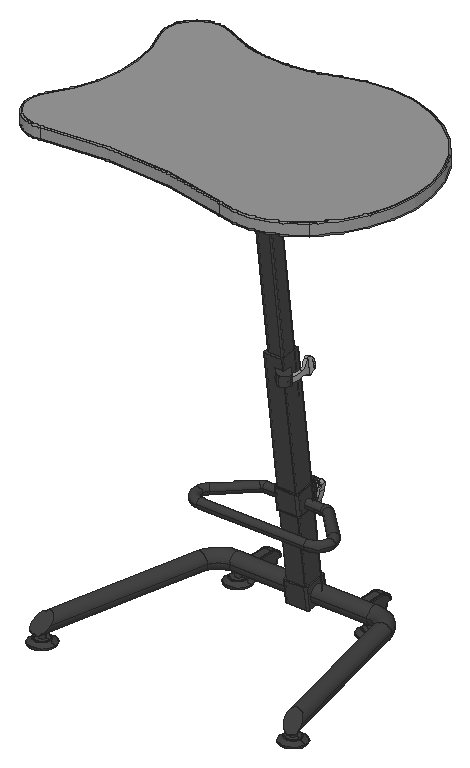
Revit family "Fender Up-Rite", category Generic Models, Revit 2018
Family settings
  Can host rebar = No
  Round Connector Dimension = Use Diameter
  Part Type = Normal
  Work Plane-Based = No
  Always vertical = Yes
  Cut with Voids When Loaded = No
  Shared = No
  Room Calculation Point = No
Parameters
  Table Height = 3' - 5"
  Surface = Fender Up-rite Surface
  Edgeband = Fender Up-rite Edgeband
Reference planes (in)
  plane 1 "Center (Front/Back)": y = 0
  plane 2: z = 0
  plane 3 "Center (Left/Right)": x = 0
  plane 4: through (0, 5.90907, 20.14558) normal (0, 0.9917, 0.1289)
  plane 5: through (0, 2.56268, 44.92217) normal (0, -0.1289, 0.9917)
  plane 6: through (0, 2.87671, 3.61812) normal (0, -0.1289, 0.9917)
Dimensions and locks (in)
  "Table Height": plane 5 to plane 6
  aligned and locked: plane 2 to level
  aligned and locked: nested 3 to nested 2
  aligned and locked: plane 5 to nested 2
Nested families (in)
  nested 1: "Fender Up-Rite Lower Frame" at (0, -0.74927, 0) x (-1, 0, 0) z (0, 0, 1), type "Fender Up-Rite Lower Frame"
  nested 2: "Fender Up-Rite Upper Frame" at (0, -1.07544, 2.41612) x (-1, 0, 0) z (0, 0, 1), type "Fender Up-Rite Upper Frame"
  nested 3: "Fender Up-Rite Tabletop" at (0, 0, 2.29112), type "Fender Up-Rite Tabletop"
Definition of nested family "Fender Up-Rite Lower Frame"
  Reference planes (in)
    plane 1 "Center (Front/Back)": y = 0
    plane 2: z = 0
    plane 3 "Center (Left/Right)": x = 0
  Forms (in)
    Sweep 1, solid
      path origin (-0.66056, 0.54486, 0) x (1, 0, 0) y (0, 1, 0)
        loop
          line (-11.04862, 8.94382) -> (-7.43993, -6.99908)
          arc (-7.43993, -6.99908) -> (-6.95712, -7.76977) -> (-6.09885, -8.07052) r 1.375
          line (-6.09885, -8.07052) -> (7.41997, -8.07052)
          arc (7.41997, -8.07052) -> (8.27824, -7.76977) -> (8.76104, -6.99908) r 1.375
          line (8.76104, -6.99908) -> (12.36974, 8.94382)
      profile origin (0, -7.52567, 0) x (0, 1, 0) y (0, 0, 1)
        loop
          circle (-0.81949, 1.6925) r 0.81949
    Extrusion 2, void
      sketch origin (-0.66056, 0.54486, 0) x (0, 1, 0) y (0, 0, 1)
        loop
          line (7.14262, 2.54529) -> (8.81229, 0.87562) -> (9.24075, 0.87562) -> (9.24075, 2.62562) -> (7.14262, 2.62562) -> (7.14262, 2.54529)
      from -14.27732 to 14.69276
    Revolve 3, solid
      sketch origin (-0.66056, 8.52847, 0) x (1, 0, 0) y (0, 0, 1)
        loop
          line (-11.36208, 0.88449) -> (-11.66273, 0.88449) -> (-11.66273, 0) -> (-10.44983, 0)
          arc (-10.44983, 0) -> (-10.41403, 0.01976) -> (-10.42571, 0.05894) r 0.03259
          line (-10.42571, 0.05894) -> (-10.86273, 0.36) -> (-10.92641, 0.36) -> (-10.92641, 0.40121)
          arc (-10.92641, 0.40121) -> (-10.94201, 0.42442) -> (-10.96651, 0.43793) r 0.05941
          arc (-10.96651, 0.43793) -> (-11.16261, 0.4804) -> (-11.36208, 0.502) r 1.90313
          line (-11.36208, 0.502) -> (-11.36208, 0.88449)
        axis (-11.66273, 0.88449) -> (-11.66273, 0)
      angle from 0 to 360
    Revolve 4, solid
      sketch origin (23.98601, 8.52847, 0) x (1, 0, 0) y (0, 0, 1)
        loop
          line (-11.36208, 0.88449) -> (-11.66273, 0.88449) -> (-11.66273, 0) -> (-10.44983, 0)
          arc (-10.44983, 0) -> (-10.41403, 0.01976) -> (-10.42571, 0.05894) r 0.03259
          line (-10.42571, 0.05894) -> (-10.86273, 0.36) -> (-10.92641, 0.36) -> (-10.92641, 0.40121)
          arc (-10.92641, 0.40121) -> (-10.94201, 0.42442) -> (-10.96651, 0.43793) r 0.05941
          arc (-10.96651, 0.43793) -> (-11.16261, 0.4804) -> (-11.36208, 0.502) r 1.90313
          line (-11.36208, 0.502) -> (-11.36208, 0.88449)
        axis (-11.66273, 0.88449) -> (-11.66273, 0)
      angle from 0 to 360
    Revolve 5, solid
      sketch origin (18.19398, -8.33106, 0) x (1, 0, 0) y (0, 0, 1)
        loop
          line (-11.36208, 0.88449) -> (-11.66273, 0.88449) -> (-11.66273, 0) -> (-10.44983, 0)
          arc (-10.44983, 0) -> (-10.41403, 0.01976) -> (-10.42571, 0.05894) r 0.03259
          line (-10.42571, 0.05894) -> (-10.86273, 0.36) -> (-10.92641, 0.36) -> (-10.92641, 0.40121)
          arc (-10.92641, 0.40121) -> (-10.94201, 0.42442) -> (-10.96651, 0.43793) r 0.05941
          arc (-10.96651, 0.43793) -> (-11.16261, 0.4804) -> (-11.36208, 0.502) r 1.90313
          line (-11.36208, 0.502) -> (-11.36208, 0.88449)
        axis (-11.66273, 0.88449) -> (-11.66273, 0)
      angle from 0 to 360
    Revolve 6, solid
      sketch origin (5.13148, -8.33106, 0) x (1, 0, 0) y (0, 0, 1)
        loop
          line (-11.36208, 0.88449) -> (-11.66273, 0.88449) -> (-11.66273, 0) -> (-10.44983, 0)
          arc (-10.44983, 0) -> (-10.41403, 0.01976) -> (-10.42571, 0.05894) r 0.03259
          line (-10.42571, 0.05894) -> (-10.86273, 0.36) -> (-10.92641, 0.36) -> (-10.92641, 0.40121)
          arc (-10.92641, 0.40121) -> (-10.94201, 0.42442) -> (-10.96651, 0.43793) r 0.05941
          arc (-10.96651, 0.43793) -> (-11.16261, 0.4804) -> (-11.36208, 0.502) r 1.90313
          line (-11.36208, 0.502) -> (-11.36208, 0.88449)
        axis (-11.66273, 0.88449) -> (-11.66273, 0)
      angle from 0 to 360
    Revolve 7, solid
      sketch origin (-0.66056, -10.33588, 0) x (1, 0, 0) y (0, 0, 1)
        loop
          line (6.36681, 1.0606) -> (6.36681, 1.94602)
          arc (6.36681, 1.94602) -> (6.33752, 2.01673) -> (6.26681, 2.04602) r 0.1
          line (6.26681, 2.04602) -> (5.86681, 2.04602)
          arc (5.86681, 2.04602) -> (5.7961, 2.01673) -> (5.76681, 1.94602) r 0.1
          line (5.76681, 1.94602) -> (5.76681, 1.0606) -> (6.36681, 1.0606)
        axis (6.36681, 1.0606) -> (5.76681, 1.0606)
      angle from 0 to 360
    Extrusion 8, solid
      sketch origin (-0.66056, 0.54486, 0) x (0, 1, 0) y (0, 0, 1)
        loop
          line (-8.88302, 2.255) -> (-11.03302, 2.255)
          arc (-11.03302, 2.255) -> (-11.74411, 2.00319) -> (-12.13826, 1.36) r 1.12992
          line (-12.13826, 1.36) -> (-11.63555, 1.36)
          arc (-11.63555, 1.36) -> (-11.45371, 1.28468) -> (-11.37839, 1.10284) r 0.25716
          arc (-11.37839, 1.10284) -> (-11.08839, 0.6377) -> (-10.54309, 0.69333) r 0.51803
          arc (-10.54309, 0.69333) -> (-10.45821, 0.74509) -> (-10.35992, 0.76) r 0.25209
          line (-10.35992, 0.76) -> (-8.88302, 0.76) -> (-8.88302, 2.255)
      from 5.66681 to 6.46681
    Extrusion 9, solid
      sketch origin (-0.66056, 0.54486, 0) x (0, 1, 0) y (0, 0, 1)
        loop
          line (-12.03188, 1.36) -> (-11.63555, 1.36)
          arc (-11.63555, 1.36) -> (-11.45371, 1.28468) -> (-11.37839, 1.10284) r 0.25716
          arc (-11.37839, 1.10284) -> (-11.08839, 0.6377) -> (-10.54309, 0.69333) r 0.51803
          arc (-10.54309, 0.69333) -> (-10.45821, 0.74509) -> (-10.35992, 0.76) r 0.25209
          line (-10.35992, 0.76) -> (-8.88302, 0.76) -> (-8.88302, 2.155) -> (-11.03302, 2.155)
          arc (-11.03302, 2.155) -> (-11.66857, 1.92852) -> (-12.03188, 1.36) r 1.0413
      from 6.46681 to 6.56681
    Sweep 10, solid
      path origin (-0.66056, 0.55009, 0) x (0, 1, 0) y (0, 0, 1)
        loop
          line (-9.46932, 2.155) -> (-11.03302, 2.155)
          arc (-11.03302, 2.155) -> (-11.66857, 1.92852) -> (-12.03188, 1.36) r 1.0413
      profile origin (-0.66056, -9.70108, 2.155) x (0, 0, -1) y (1, 0, 0)
        loop
          line (0, -5.15519) -> (-0.1, -5.15519)
          arc (-0.1, -5.15519) -> (-0.07071, -5.2259) -> (0, -5.25519) r 0.1
          line (0, -5.25519) -> (0, -5.15519)
    Sweep 11, solid
      path origin (0.66056, 0.53565, 0) x (0, 1, 0) y (0, 0, -1)
        loop
          line (-9.46932, -2.155) -> (-11.03302, -2.155)
          arc (-11.03302, -2.155) -> (-11.66857, -1.92852) -> (-12.03188, -1.36) r 1.0413
      profile origin (0.66056, -9.71553, 2.155) x (0, 0, 1) y (-1, 0, 0)
        loop
          line (0, -5.14569) -> (0, -5.24569)
          arc (0, -5.24569) -> (0.07071, -5.2164) -> (0.1, -5.14569) r 0.1
          line (0.1, -5.14569) -> (0, -5.14569)
    Extrusion 12, solid
      sketch origin (11.47306, 0.54486, 0) x (0, 1, 0) y (0, 0, -1)
        loop
          arc (-12.03188, -1.36) -> (-11.66857, -1.92852) -> (-11.03302, -2.155) r 1.0413
          line (-11.03302, -2.155) -> (-8.88302, -2.155) -> (-8.88302, -0.76) -> (-10.35992, -0.76)
          arc (-10.35992, -0.76) -> (-10.45821, -0.74509) -> (-10.54309, -0.69333) r 0.25209
          arc (-10.54309, -0.69333) -> (-11.08839, -0.6377) -> (-11.37839, -1.10284) r 0.51803
          arc (-11.37839, -1.10284) -> (-11.45371, -1.28468) -> (-11.63555, -1.36) r 0.25716
          line (-11.63555, -1.36) -> (-12.03188, -1.36)
      from 6.46681 to 6.56681
    Sweep 13, solid
      path origin (10.15194, 0.53565, 0) x (0, 1, 0) y (0, 0, 1)
        loop
          line (-9.46932, 2.155) -> (-11.03302, 2.155)
          arc (-11.03302, 2.155) -> (-11.66857, 1.92852) -> (-12.03188, 1.36) r 1.0413
      profile origin (10.15194, -9.71553, 2.155) x (0, 0, -1) y (1, 0, 0)
        loop
          line (0, -5.14569) -> (-0.1, -5.14569)
          arc (-0.1, -5.14569) -> (-0.07071, -5.2164) -> (0, -5.24569) r 0.1
          line (0, -5.24569) -> (0, -5.14569)
    Revolve 14, solid
      sketch origin (0.66056, -10.33065, 0) x (-1, 0, 0) y (0, 0, -1)
        loop
          line (6.36681, -1.0606) -> (5.76681, -1.0606) -> (5.76681, -1.94602)
          arc (5.76681, -1.94602) -> (5.7961, -2.01673) -> (5.86681, -2.04602) r 0.1
          line (5.86681, -2.04602) -> (6.26681, -2.04602)
          arc (6.26681, -2.04602) -> (6.33752, -2.01673) -> (6.36681, -1.94602) r 0.1
          line (6.36681, -1.94602) -> (6.36681, -1.0606)
        axis (6.36681, -1.0606) -> (5.76681, -1.0606)
      angle from 0 to 360
    Extrusion 15, solid
      sketch origin (0.66056, 0.55009, 0) x (0, 1, 0) y (0, 0, -1)
        loop
          line (-8.88302, -2.255) -> (-8.88302, -0.76) -> (-10.35992, -0.76)
          arc (-10.35992, -0.76) -> (-10.45821, -0.74509) -> (-10.54309, -0.69333) r 0.25209
          arc (-10.54309, -0.69333) -> (-11.08839, -0.6377) -> (-11.37839, -1.10284) r 0.51803
          arc (-11.37839, -1.10284) -> (-11.45371, -1.28468) -> (-11.63555, -1.36) r 0.25716
          line (-11.63555, -1.36) -> (-12.13826, -1.36)
          arc (-12.13826, -1.36) -> (-11.74411, -2.00319) -> (-11.03302, -2.255) r 1.12992
          line (-11.03302, -2.255) -> (-8.88302, -2.255)
      from 5.66681 to 6.46681
    Extrusion 16, solid
      sketch origin (0.66056, 0.55009, 0) x (0, 1, 0) y (0, 0, -1)
        loop
          arc (-12.03188, -1.36) -> (-11.66857, -1.92852) -> (-11.03302, -2.155) r 1.0413
          line (-11.03302, -2.155) -> (-8.88302, -2.155) -> (-8.88302, -0.76) -> (-10.35992, -0.76)
          arc (-10.35992, -0.76) -> (-10.45821, -0.74509) -> (-10.54309, -0.69333) r 0.25209
          arc (-10.54309, -0.69333) -> (-11.08839, -0.6377) -> (-11.37839, -1.10284) r 0.51803
          arc (-11.37839, -1.10284) -> (-11.45371, -1.28468) -> (-11.63555, -1.36) r 0.25716
          line (-11.63555, -1.36) -> (-12.03188, -1.36)
      from 6.46681 to 6.56681
    Sweep 17, solid
      path origin (-0.66056, 0.54088, 0) x (0, 1, 0) y (0, 0, 1)
        loop
          line (-9.46932, 2.155) -> (-11.03302, 2.155)
          arc (-11.03302, 2.155) -> (-11.66857, 1.92852) -> (-12.03188, 1.36) r 1.0413
      profile origin (-0.66056, -9.71029, 2.155) x (0, 0, -1) y (1, 0, 0)
        loop
          line (0, -5.14569) -> (-0.1, -5.14569)
          arc (-0.1, -5.14569) -> (-0.07071, -5.2164) -> (0, -5.24569) r 0.1
          line (0, -5.24569) -> (0, -5.14569)
    Extrusion 18, solid
      sketch origin (-11.47306, 0.55009, 0) x (0, 1, 0) y (0, 0, 1)
        loop
          line (-12.03188, 1.36) -> (-11.63555, 1.36)
          arc (-11.63555, 1.36) -> (-11.45371, 1.28468) -> (-11.37839, 1.10284) r 0.25716
          arc (-11.37839, 1.10284) -> (-11.08839, 0.6377) -> (-10.54309, 0.69333) r 0.51803
          arc (-10.54309, 0.69333) -> (-10.45821, 0.74509) -> (-10.35992, 0.76) r 0.25209
          line (-10.35992, 0.76) -> (-8.88302, 0.76) -> (-8.88302, 2.155) -> (-11.03302, 2.155)
          arc (-11.03302, 2.155) -> (-11.66857, 1.92852) -> (-12.03188, 1.36) r 1.0413
      from 6.46681 to 6.56681
    Sweep 19, solid
      path origin (-10.15194, 0.54088, 0) x (0, 1, 0) y (0, 0, -1)
        loop
          line (-9.46932, -2.155) -> (-11.03302, -2.155)
          arc (-11.03302, -2.155) -> (-11.66857, -1.92852) -> (-12.03188, -1.36) r 1.0413
      profile origin (-10.15194, -9.71029, 2.155) x (0, 0, 1) y (-1, 0, 0)
        loop
          line (0, -5.14569) -> (0, -5.24569)
          arc (0, -5.24569) -> (0.07071, -5.2164) -> (0.1, -5.14569) r 0.1
          line (0.1, -5.14569) -> (0, -5.14569)
    Sweep 20, solid
      path origin (0, 0, 0) x (1, 0, 0) y (0, 1, 0)
        loop
          arc (-5.25748, -1.62529) -> (-6.45073, -2.11954) -> (-6.94498, -3.31279) r 1.6875
          arc (-6.94498, -3.31279) -> (-6.81653, -3.95856) -> (-6.45073, -4.50603) r 1.6875
          line (-6.45073, -4.50603) -> (-3.67928, -7.27748)
          arc (-3.67928, -7.27748) -> (-3.29403, -7.53489) -> (-2.83959, -7.62529) r 1.1875
          line (-2.83959, -7.62529) -> (2.84909, -7.62529)
          arc (2.84909, -7.62529) -> (3.30353, -7.53489) -> (3.68878, -7.27748) r 1.1875
          line (3.68878, -7.27748) -> (6.46023, -4.50603)
          arc (6.46023, -4.50603) -> (6.82603, -3.95856) -> (6.95448, -3.31279) r 1.6875
          arc (6.95448, -3.31279) -> (6.46023, -2.11954) -> (5.26698, -1.62529) r 1.6875
          line (5.26698, -1.62529) -> (-5.25748, -1.62529)
      profile origin (0.00475, -1.62529, 0) x (0, 1, 0) y (0, 0, 1)
        loop
          circle (-0.4375, 10.08383) r 0.4375
    Extrusion 21, solid
      sketch origin (0, -0.20148, -1.24613) x (1, 0, 0) y (0, 0.991445, -0.130526)
        loop
          arc (-1.15625, -9.40689) -> (-1.09767, -9.54831) -> (-0.95625, -9.60689) r 0.2
          line (-0.95625, -9.60689) -> (0.95796, -9.60689)
          arc (0.95796, -9.60689) -> (1.09817, -9.54881) -> (1.15625, -9.4086) r 0.19829
          line (1.15625, -9.4086) -> (1.15625, -7.49439)
          arc (1.15625, -7.49439) -> (1.09767, -7.35297) -> (0.95625, -7.29439) r 0.2
          line (0.95625, -7.29439) -> (-0.95796, -7.29439)
          arc (-0.95796, -7.29439) -> (-1.09817, -7.35247) -> (-1.15625, -7.49268) r 0.19829
          line (-1.15625, -7.49268) -> (-1.15625, -9.40689)
      from 0.78894 to 2.91394
    Extrusion 22, solid
      sketch origin (0, 0.96114, 7.58486) x (1, 0, 0) y (0, 0.991445, -0.130526)
        loop
          arc (-1.15625, -9.40689) -> (-1.09767, -9.54831) -> (-0.95625, -9.60689) r 0.2
          line (-0.95625, -9.60689) -> (0.95796, -9.60689)
          arc (0.95796, -9.60689) -> (1.09817, -9.54881) -> (1.15625, -9.4086) r 0.19829
          line (1.15625, -9.4086) -> (1.15625, -7.49439)
          arc (1.15625, -7.49439) -> (1.09767, -7.35297) -> (0.95625, -7.29439) r 0.2
          line (0.95625, -7.29439) -> (-0.95796, -7.29439)
          arc (-0.95796, -7.29439) -> (-1.09817, -7.35247) -> (-1.15625, -7.49268) r 0.19829
          line (-1.15625, -7.49268) -> (-1.15625, -9.40689)
      from 0.78894 to 2.72644
    Sweep 23, solid
      path in 3D
        loop
          arc (0.95796, -8.20769, 11.54192) -> (1.09817, -8.15011, 11.53434) -> (1.15625, -8.0111, 11.51604) r 0.19829
          line (1.15625, -8.0111, 11.51604) -> (1.15625, -6.11326, 11.26619)
          arc (1.15625, -6.11326, 11.26619) -> (1.09767, -5.97305, 11.24773) -> (0.95625, -5.91498, 11.24008) r 0.2
          line (0.95625, -5.91498, 11.24008) -> (-0.95796, -5.91498, 11.24008)
          arc (-0.95796, -5.91498, 11.24008) -> (-1.09817, -5.97256, 11.24766) -> (-1.15625, -6.11157, 11.26597) r 0.19829
          line (-1.15625, -6.11157, 11.26597) -> (-1.15625, -8.0094, 11.51582)
          arc (-1.15625, -8.0094, 11.51582) -> (-1.09767, -8.14962, 11.53428) -> (-0.95625, -8.20769, 11.54192) r 0.2
          line (-0.95625, -8.20769, 11.54192) -> (0.95796, -8.20769, 11.54192)
      profile origin (0.00086, -8.20769, 11.54192) x (0, 0.991445, -0.130526) y (0, 0.130526, 0.991445)
        loop
          line (0.0115, 0.1) -> (0.0115, 0) -> (0.1665, 0) -> (0.1665, 0.05) -> (0.15186, 0.08536) -> (0.1165, 0.1) -> (0.0115, 0.1)
    Sweep 24, solid
      path in 3D
        loop
          arc (0.95796, -8.46859, 9.56025) -> (1.09817, -8.41101, 9.55267) -> (1.15625, -8.272, 9.53437) r 0.19829
          line (1.15625, -8.272, 9.53437) -> (1.15625, -6.37416, 9.2845)
          arc (1.15625, -6.37416, 9.2845) -> (1.09767, -6.23395, 9.26604) -> (0.95625, -6.17588, 9.2584) r 0.2
          line (0.95625, -6.17588, 9.2584) -> (-0.95796, -6.17588, 9.2584)
          arc (-0.95796, -6.17588, 9.2584) -> (-1.09817, -6.23346, 9.26598) -> (-1.15625, -6.37247, 9.28428) r 0.19829
          line (-1.15625, -6.37247, 9.28428) -> (-1.15625, -8.2703, 9.53414)
          arc (-1.15625, -8.2703, 9.53414) -> (-1.09767, -8.41051, 9.5526) -> (-0.95625, -8.46859, 9.56025) r 0.2
          line (-0.95625, -8.46859, 9.56025) -> (0.95796, -8.46859, 9.56025)
      profile origin (0.00086, -8.46859, 9.56025) x (0, -0.991444, 0.130532) y (0, -0.130532, -0.991444)
        loop
          line (-0.0115, 0.1) -> (-0.1165, 0.1) -> (-0.15186, 0.08536) -> (-0.1665, 0.05) -> (-0.1665, 0) -> (-0.0115, 0) -> (-0.0115, 0.1)
    Extrusion 25, solid
      sketch origin (0, 0, 0) x (1, 0, 0) y (0, 0, 1)
        loop
          arc (-1.31266, 10.51149) -> (-1.20965, 9.99893) -> (-1.03387, 9.50656) r 3.61868
          arc (-1.03387, 9.50656) -> (-0.97924, 9.31422) -> (-0.97651, 9.1143) r 0.76233
          arc (-0.97651, 9.1143) -> (-0.98336, 8.9622) -> (-0.96809, 8.81071) r 1.04706
          arc (-0.96809, 8.81071) -> (-0.96219, 8.78879) -> (-0.95246, 8.76827) r 0.12655
          arc (-0.95246, 8.76827) -> (-0.90729, 8.74278) -> (-0.87916, 8.78636) r 0.03782
          arc (-0.87916, 8.78636) -> (-0.85761, 8.9683) -> (-0.73614, 9.10546) r 0.30656
          arc (-0.73614, 9.10546) -> (-0.80053, 9.19699) -> (-0.83142, 9.30455) r 0.33733
          arc (-0.83142, 9.30455) -> (-0.84791, 9.40212) -> (-0.87491, 9.49732) r 0.90972
          arc (-0.87491, 9.49732) -> (-1.02692, 10.02665) -> (-1.12416, 10.56873) r 5.39414
          arc (-1.12416, 10.56873) -> (-1.10163, 10.69205) -> (-1.00628, 10.77344) r 0.18704
          arc (-1.00628, 10.77344) -> (-0.97066, 10.78752) -> (-0.93537, 10.80241) r 1.66927
          arc (-0.93537, 10.80241) -> (-0.80366, 10.92003) -> (-0.76765, 11.09291) r 0.2822
          line (-0.76765, 11.09291) -> (-0.77549, 11.16216)
          arc (-0.77549, 11.16216) -> (-0.8798, 11.34854) -> (-1.08588, 11.40466) r 0.27596
          line (-1.08588, 11.40466) -> (-1.16668, 11.39397)
          arc (-1.16668, 11.39397) -> (-1.33664, 11.29602) -> (-1.38807, 11.10673) r 0.25714
          line (-1.38807, 11.10673) -> (-1.31266, 10.51149)
      from 8.49232 to 9.00732
    Revolve 26, solid
      sketch origin (-1.129, 0.0013, 0) x (0, 1, 0) y (0, 0, 1)
        loop
          line (-9.00732, 11.10931) -> (-9.00732, 11.2846)
          arc (-9.00732, 11.2846) -> (-9.0215, 11.30812) -> (-9.04892, 11.30654) r 0.02658
          arc (-9.04892, 11.30654) -> (-9.08835, 11.21141) -> (-9.1018, 11.10931) r 0.3942
          line (-9.1018, 11.10931) -> (-9.00732, 11.10931)
        axis (-9.1018, 11.10931) -> (-9.00732, 11.10931)
      angle from 0 to 360
    Revolve 27, solid
      sketch origin (-1.129, -17.50094, 0) x (0, -1, 0) y (0, 0, -1)
        loop
          line (-9.00732, -11.10931) -> (-9.1018, -11.10931)
          arc (-9.1018, -11.10931) -> (-9.08835, -11.21141) -> (-9.04892, -11.30654) r 0.3942
          arc (-9.04892, -11.30654) -> (-9.0215, -11.30812) -> (-9.00732, -11.2846) r 0.02658
          line (-9.00732, -11.2846) -> (-9.00732, -11.10931)
        axis (-9.1018, -11.10931) -> (-9.00732, -11.10931)
      angle from 0 to 360
    Extrusion 28, solid
      sketch origin (0, 0, 0) x (0, 1, 0) y (0, 0, 1)
        loop
          line (-8.01112, 11.51605) -> (-8.62651, 11.59706)
          arc (-8.62651, 11.59706) -> (-8.67955, 11.59266) -> (-8.72599, 11.56665) r 0.12543
          arc (-8.72599, 11.56665) -> (-9.18992, 10.69413) -> (-8.96763, 9.73128) r 1.41086
          arc (-8.96763, 9.73128) -> (-8.92544, 9.69159) -> (-8.86998, 9.6749) r 0.12635
          line (-8.86998, 9.6749) -> (-8.26402, 9.59512) -> (-8.01112, 11.51605)
      from -0.52525 to -0.40025
    Extrusion 29, solid
      sketch origin (0, 0, 0) x (0, 1, 0) y (0, 0, -1)
        loop
          line (-8.01112, -11.51605) -> (-8.26402, -9.59512) -> (-8.86998, -9.6749)
          arc (-8.86998, -9.6749) -> (-8.92544, -9.69159) -> (-8.96763, -9.73128) r 0.12635
          arc (-8.96763, -9.73128) -> (-9.18992, -10.69413) -> (-8.72599, -11.56665) r 1.41086
          arc (-8.72599, -11.56665) -> (-8.67955, -11.59266) -> (-8.62651, -11.59706) r 0.12543
          line (-8.62651, -11.59706) -> (-8.01112, -11.51605)
      from -0.52525 to -0.40025
    Extrusion 30, solid
      sketch origin (0, 0, 0) x (0, 1, 0) y (0, 0, 1)
        loop
          circle (-8.75232, 11.10931) r 0.115
      from -0.93981 to 0.70475
    Extrusion 31, solid
      sketch origin (0, 0, 0) x (0, 1, 0) y (0, 0, 1)
        loop
          circle (-8.75502, 11.10931) r 0.3467
      from -0.67925 to -0.52525
    Extrusion 32, solid
      sketch origin (1.63844, 0, 0) x (0, 1, 0) y (0, 0, 1)
        loop
          circle (-8.75502, 11.10931) r 0.26043
      from -0.93369 to -0.52869
    Extrusion 33, solid
      sketch origin (1.2045, 0, 0) x (0, 1, 0) y (0, 0, 1)
        loop
          circle (-8.75502, 11.10931) r 0.3467
      from -0.67925 to -0.49975
    Extrusion 34, solid
      sketch origin (0, -0.28027, -1.20959) x (1, 0, 0) y (0, 0.991445, -0.130526)
        loop
          arc (-0.91525, -9.30793) -> (-0.90073, -9.34299) -> (-0.86568, -9.3575) r 0.04957
          line (-0.86568, -9.3575) -> (0.86475, -9.3575)
          arc (0.86475, -9.3575) -> (0.90011, -9.34286) -> (0.91475, -9.3075) r 0.05
          line (0.91475, -9.3075) -> (0.91475, -7.42708)
          arc (0.91475, -7.42708) -> (0.90023, -7.39202) -> (0.86518, -7.3775) r 0.04957
          line (0.86518, -7.3775) -> (-0.86525, -7.3775)
          arc (-0.86525, -7.3775) -> (-0.90061, -7.39215) -> (-0.91525, -7.4275) r 0.05
          line (-0.91525, -7.4275) -> (-0.91525, -9.30793)
      from 0.88799 to 24.29799
    Extrusion 35, solid
      sketch origin (0, 0, 0) x (1, 0, 0) y (0, 1, 0)
        loop
          line (-1.8153, -4.4765) -> (-0.75612, -5.53567) -> (0.05368, -4.72587) -> (-0.97748, -3.69472)
          arc (-0.97748, -3.69472) -> (-1.0647, -3.66749) -> (-1.15576, -3.66007) r 0.41365
          arc (-1.15576, -3.66007) -> (-1.61755, -3.83126) -> (-1.88101, -4.24736) r 0.76967
          arc (-1.88101, -4.24736) -> (-1.87851, -4.37063) -> (-1.8153, -4.4765) r 0.24069
      from 21.94983 to 22.81735
    Extrusion 36, solid
      sketch origin (0, -3.00302, -0.32801) x (1, 0, 0) y (0, 0.991445, -0.130528)
        loop
          arc (-1.77439, -4.00368) -> (-2.07423, -5.16695) -> (-1.88156, -6.35268) r 2.927
          arc (-1.88156, -6.35268) -> (-1.85944, -6.62526) -> (-1.98876, -6.86623) r 0.48341
          arc (-1.98876, -6.86623) -> (-2.02022, -6.89708) -> (-2.03121, -6.93975) r 0.08217
          line (-2.03121, -6.93975) -> (-2.03121, -7.03793)
          arc (-2.03121, -7.03793) -> (-1.9807, -7.12036) -> (-1.88433, -7.11277) r 0.09251
          arc (-1.88433, -7.11277) -> (-1.57434, -6.66174) -> (-1.61728, -6.11613) r 0.81977
          arc (-1.61728, -6.11613) -> (-1.78049, -5.53369) -> (-1.61728, -4.95125) r 1.12087
          line (-1.61728, -4.95125) -> (-1.39123, -4.90057) -> (-1.39123, -4.08033) -> (-1.77439, -4.00368)
      from 21.38296 to 23.38192
    Extrusion 37, void
      sketch origin (0, 0, 0) x (0, 1, 0) y (0, 0, 1)
        loop
          line (-5.53546, 22.77732) -> (-4.00368, 22.53471) -> (-3.50368, 22.53471) -> (-3.50368, 23.94517) -> (-7.50368, 23.94517) -> (-7.50368, 21.34325) -> (-3.50368, 21.34325) -> (-3.50368, 22.09325) -> (-4.00368, 22.09325) -> (-5.476, 22.32644)
          arc (-5.476, 22.32644) -> (-6.05859, 22.26843) -> (-6.54216, 21.93839) r 1.18405
          arc (-6.54216, 21.93839) -> (-6.62854, 21.84364) -> (-6.75072, 21.88251) r 0.11883
          arc (-6.75072, 21.88251) -> (-7.02151, 22.63251) -> (-6.75072, 23.38251) r 1.17403
          arc (-6.75072, 23.38251) -> (-6.55982, 23.48251) -> (-6.35444, 23.41718) r 0.27984
          arc (-6.35444, 23.41718) -> (-6.02769, 22.99134) -> (-5.53546, 22.77732) r 1.07187
      from -1.26872 to -6.27069
  Cuts and joins
    Extrusion 2 cuts Sweep 1
    Extrusion 37 cuts Extrusion 34
    Extrusion 37 cuts Extrusion 36
  Lines and regions (in)
    sketch lines
      curve 1: line (-0.95625, -8.20769, 11.54192) -> (0.95796, -8.20769, 11.54192)
      curve 2: arc (-0.95625, -8.20769, 11.54192) -> (-1.09767, -8.14962, 11.53428) -> (-1.15625, -8.0094, 11.51582) r 0.2
      curve 3: line (-1.15625, -6.11157, 11.26597) -> (-1.15625, -8.0094, 11.51582)
      curve 4: arc (-1.15625, -6.11157, 11.26597) -> (-1.09817, -5.97256, 11.24766) -> (-0.95796, -5.91498, 11.24008) r 0.19829
      curve 5: line (0.95625, -5.91498, 11.24008) -> (-0.95796, -5.91498, 11.24008)
      curve 6: arc (0.95625, -5.91498, 11.24008) -> (1.09767, -5.97305, 11.24773) -> (1.15625, -6.11326, 11.26619) r 0.2
      curve 7: line (1.15625, -8.0111, 11.51604) -> (1.15625, -6.11326, 11.26619)
      curve 8: arc (1.15625, -8.0111, 11.51604) -> (1.09817, -8.15011, 11.53434) -> (0.95796, -8.20769, 11.54192) r 0.19829
      curve 10: line (-0.95625, -8.46859, 9.56025) -> (0.95796, -8.46859, 9.56025)
      curve 11: arc (-0.95625, -8.46859, 9.56025) -> (-1.09767, -8.41051, 9.5526) -> (-1.15625, -8.2703, 9.53414) r 0.2
      curve 12: line (-1.15625, -6.37247, 9.28428) -> (-1.15625, -8.2703, 9.53414)
      curve 13: arc (-1.15625, -6.37247, 9.28428) -> (-1.09817, -6.23346, 9.26598) -> (-0.95796, -6.17588, 9.2584) r 0.19829
      curve 14: line (0.95625, -6.17588, 9.2584) -> (-0.95796, -6.17588, 9.2584)
      curve 15: arc (0.95625, -6.17588, 9.2584) -> (1.09767, -6.23395, 9.26604) -> (1.15625, -6.37416, 9.2845) r 0.2
      curve 16: line (1.15625, -8.272, 9.53437) -> (1.15625, -6.37416, 9.2845)
      curve 17: arc (1.15625, -8.272, 9.53437) -> (1.09817, -8.41101, 9.55267) -> (0.95796, -8.46859, 9.56025) r 0.19829
    symbolic lines
      curve 9: line (0, -7.49342, 9.49367) -> (0, -7.24052, 11.41459)
      curve 18: line (0, -4.05918, 22.32277) -> (0, -4.05918, 22.81735)
  Dimensions and locks (in)
    aligned and locked: plane 2 to level
Definition of nested family "Fender Up-Rite Upper Frame"
  Reference planes (in)
    plane 1 "Center (Front/Back)": y = 0
    plane 2: z = 0
    plane 3 "Center (Left/Right)": x = 0
  Forms (in)
    Extrusion 1, solid
      sketch origin (0, -5.30479, 0.02914) x (1, 0, 0) y (0, 0.991659, -0.128891)
        loop
          line (-0.75219, -2.58496) -> (-0.75219, -3.82213)
          arc (-0.75219, -3.82213) -> (-0.71558, -3.91052) -> (-0.62719, -3.94713) r 0.125
          line (-0.62719, -3.94713) -> (0.62281, -3.94713)
          arc (0.62281, -3.94713) -> (0.7112, -3.91052) -> (0.74781, -3.82213) r 0.125
          line (0.74781, -3.82213) -> (0.74781, -2.58496)
          arc (0.74781, -2.58496) -> (0.7112, -2.49657) -> (0.62281, -2.45996) r 0.125
          line (0.62281, -2.45996) -> (-0.62719, -2.45996)
          arc (-0.62719, -2.45996) -> (-0.71558, -2.49657) -> (-0.75219, -2.58496) r 0.125
      from 16.77344 to 42.33742
    Extrusion 2, solid
      sketch origin (0, 0, 0) x (1, 0, 0) y (0, 0, 1)
        loop
          line (-2.76817, 41.475) -> (-2.76817, 41.8)
          arc (-2.76817, 41.8) -> (-2.7462, 41.85303) -> (-2.69317, 41.875) r 0.075
          line (-2.69317, 41.875) -> (-1.64109, 41.875)
          arc (-1.64109, 41.875) -> (-1.51187, 41.82797) -> (-1.44311, 41.70888) r 0.20103
          line (-1.44311, 41.70888) -> (-1.28751, 41.12817)
          arc (-1.28751, 41.12817) -> (-1.21931, 41.03077) -> (-1.10447, 41) r 0.17382
          line (-1.10447, 41) -> (1.09813, 41)
          arc (1.09813, 41) -> (1.21298, 41.03077) -> (1.28118, 41.12817) r 0.17382
          line (1.28118, 41.12817) -> (1.43678, 41.70888)
          arc (1.43678, 41.70888) -> (1.50553, 41.82797) -> (1.63476, 41.875) r 0.20103
          line (1.63476, 41.875) -> (2.68684, 41.875)
          arc (2.68684, 41.875) -> (2.73987, 41.85303) -> (2.76183, 41.8) r 0.075
          line (2.76183, 41.8) -> (2.76183, 41.475) -> (2.88683, 41.475) -> (2.88683, 41.8)
          arc (2.88683, 41.8) -> (2.82826, 41.94142) -> (2.68684, 42) r 0.2
          line (2.68684, 42) -> (1.63476, 42)
          arc (1.63476, 42) -> (1.42754, 41.92568) -> (1.31479, 41.73659) r 0.32603
          line (1.31479, 41.73659) -> (1.16044, 41.16052)
          arc (1.16044, 41.16052) -> (1.1367, 41.12976) -> (1.09813, 41.125) r 0.05044
          line (1.09813, 41.125) -> (-1.10447, 41.125)
          arc (-1.10447, 41.125) -> (-1.14303, 41.12976) -> (-1.16677, 41.16052) r 0.05044
          line (-1.16677, 41.16052) -> (-1.32113, 41.73659)
          arc (-1.32113, 41.73659) -> (-1.43387, 41.92568) -> (-1.64109, 42) r 0.32603
          line (-1.64109, 42) -> (-2.69317, 42)
          arc (-2.69317, 42) -> (-2.83459, 41.94142) -> (-2.89317, 41.8) r 0.2
          line (-2.89317, 41.8) -> (-2.89317, 41.475) -> (-2.76817, 41.475)
      from -0.44193 to 5.43307
  Dimensions and locks (in)
    aligned and locked: plane 2 to level
Definition of nested family "Fender Up-Rite Tabletop"
  Parameters (values of type "Fender Up-Rite Tabletop")
    Surface = none
    Edgeband = none
  Reference planes (in)
    plane 1 "Center (Front/Back)": y = 0
    plane 2: z = 0
    plane 3 "Center (Left/Right)": x = 0
  Forms (in)
    Extrusion 1, solid, material <- "Surface"
      sketch origin (0, 0, 0) x (1, 0, 0) y (0, 1, 0)
        loop
          arc (-10.01672, 10.94789) -> (-13.35543, 10.56034) -> (-13.97387, 7.2566) r 2.83281
          arc (-13.97387, 7.2566) -> (-12.79402, 0.89267) -> (-15.01415, -5.18703) r 12.2783
          arc (-15.01415, -5.18703) -> (-15.08541, -8.35885) -> (-12.16881, -9.60744) r 2.83271
          arc (-12.16881, -9.60744) -> (-3.02045, -8.91511) -> (6.04664, -10.31498) r 40.2007
          arc (6.04664, -10.31498) -> (9.92437, -10.36341) -> (13.33209, -8.51231) r 7.68552
          arc (13.33209, -8.51231) -> (15.0776, 6.43059) -> (0.63318, 10.63719) r 11.65104
          arc (0.63318, 10.63719) -> (-4.72713, 9.58045) -> (-10.01672, 10.94789) r 12.30805
      from 42.125 to 43.375
    Sweep 2, solid, material <- "Edgeband"
      path origin (0, 0, 0) x (1, 0, 0) y (0, 1, 0)
        loop
          arc (0.63318, 10.63719) -> (-4.72713, 9.58045) -> (-10.01672, 10.94789) r 12.30805
          arc (-10.01672, 10.94789) -> (-13.35543, 10.56034) -> (-13.97387, 7.2566) r 2.83281
          arc (-13.97387, 7.2566) -> (-12.79402, 0.89267) -> (-15.01415, -5.18703) r 12.2783
          arc (-15.01415, -5.18703) -> (-15.08541, -8.35885) -> (-12.16881, -9.60744) r 2.83271
          arc (-12.16881, -9.60744) -> (-3.02045, -8.91511) -> (6.04664, -10.31498) r 40.2007
          arc (6.04664, -10.31498) -> (9.92437, -10.36341) -> (13.33209, -8.51231) r 7.68552
          arc (13.33209, -8.51231) -> (15.0776, 6.43059) -> (0.63318, 10.63719) r 11.65104
      profile origin (-4.72713, 9.58045, 0) x (-0.029161, -0.999575, 0) y (0, 0, 1)
        loop
          line (0, 42.125) -> (0, 43.375)
          arc (0, 43.375) -> (-0.07603, 43.33186) -> (-0.10677, 43.25003) r 0.12831
          line (-0.10677, 43.25003) -> (-0.10677, 42.25003)
          arc (-0.10677, 42.25003) -> (-0.07645, 42.16782) -> (0, 42.125) r 0.12658
  Dimensions and locks (in)
    aligned and locked: plane 2 to level
